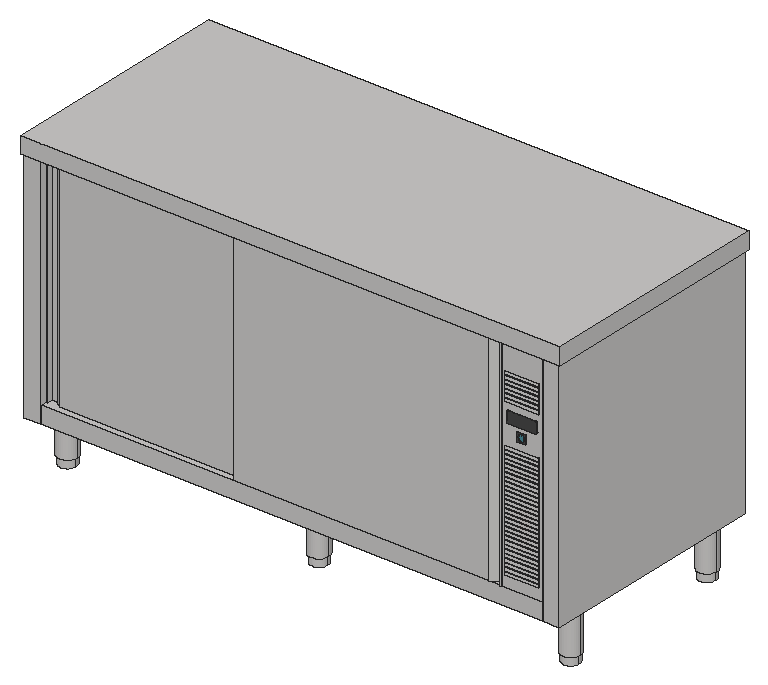
Revit family "QF_ELECTROLUXPROFESSIONAL_132873_MSR1607N", category Attrezzature speciali, Revit 2020
Family settings
  Quota connettore circolare = Usa diametro
  Tipo di parte = Normale
  Basato su piano di lavoro = No
  Sempre verticale = Sì
  Taglio con vuoti quando caricato = No
  Condiviso = No
  Punto di calcolo locali = No
Parameters (values of type "Standard")
  Weight = 65.00 kg
  Watts = 2400 W
  Volts = 220 V
  URL Manufacturer = "https://www.electroluxprofessional.com/"
  URL = "https://www.electroluxprofessional.com/"
  Steam Supply Size = 0 mm
  Steam Supply Minimum Pressure = 0.0 Pa
  Steam Supply Maximum Pressure = 0.0 Pa
  Steam Consumption per Hour = 0
  Refrigeration Suction Line Size = 0.0 mm
  Refrigeration Liquid Line Size = 0.0 mm
  Refrigerant Compressor Remote = yes
  Prospetto di default = 0.0 mm
  Produttore = "Electrolux Professional"
  Phase = 1
  Modello = "MSR1607N"
  Length Actual = 1600.0 mm  # constant formula
  Item Number = "132873"
  Hot Water Size = 0 mm
  Height Actual = 900.0 mm  # constant formula
  HP = "3.2 HP"
  Gas Size = 0 mm
  Gas KW = 0
  Gas Input Pressure = 0 W
  Direct Waste Size = 0 mm
  Descrizione = "HOT CUPBOARD 1600MM"
  Depth Actual = 700.0 mm  # constant formula
  Cycle = 50 Hz
  Condensate Return Size = 0 mm
  Compressed Air Volume = 0.0 L/s
  Compressed Air Size = 0 mm
  Compressed Air Pressure = 0.0 Pa
  Cold Water Size = 0 mm
  Accessory = yes
Reference planes
  plane 1 "Center (Front/Back)": y = 0
  plane 2: z = 0
  plane 3 "Center (Left/Right)": x = -300
  plane 4 "LEFT": x = -1100
  plane 5 "RIGHT": x = 500
  plane 6 "BACK": y = 350
  plane 7 "FRONT": y = -350
  plane 8 "Base": z = 850
  plane 9 "TOP": z = 900
  plane 10: x = -1046.5
  plane 11: x = 446.5
  plane 12: y = 264.5
  plane 13: y = -241.5
  plane 14 "BodyLeft": x = -1094.5
  plane 15 "BodyFront": y = -344.5
  plane 16 "BodyRight": x = 494.5
  plane 17 "BodyBack": y = 344.5
  plane 18 "FEET": z = 150
  plane 19: x = 324.5
  plane 20: x = -361
  plane 21: x = 444.5
  plane 22 "EIx": x = 400
  plane 23 "EIy": y = -170
Forms (mm)
  Extrusion 1, solid, material "QF_Finishes_Stainless Steel"
    sketch origin (-300, 0, 0) x (0, 1, 0) y (0, 0, 1)
      loop
        line (-350, 850) -> (350, 850) -> (350, 900) -> (-350, 900) -> (-350, 850)
    from 800 to -800
  Extrusion 2, solid, material "QF_Finishes_Stainless Steel"
    sketch origin (0, 0, 150) x (-1, 0, 0) y (0, -1, 0)
      loop
        line (1094.5, -344.5) -> (1094.5, 344.5) -> (1044.5, 344.5) -> (1044.5, -344.5) -> (1094.5, -344.5)
      loop
        line (-444.5, -344.5) -> (-444.5, 344.5) -> (-494.5, 344.5) -> (-494.5, -344.5) -> (-444.5, -344.5)
    from 0 to 700
  Extrusion 3, solid, material "QF_Finishes_Stainless Steel"
    sketch origin (0, 0, 150) x (-1, 0, 0) y (0, -1, 0)
      loop
        line (1044.5, -344.5) -> (1044.5, 344.5) -> (-444.5, 344.5) -> (-444.5, -344.5) -> (1044.5, -344.5)
    from 0 to 50
  Extrusion 4, solid, material "QF_Finishes_Stainless Steel"
    sketch origin (-1, 0, 150) x (-1, 0, 0) y (0, -1, 0)
      loop
        line (-325.5, 344.5) -> (-325.5, 324.5) -> (470.5, 324.5) -> (470.5, 344.5) -> (-285.5, 344.5) -> (-305.5, 329.5) -> (-320.5, 329.5) -> (-320.5, 344.5) -> (-325.5, 344.5)
    from 50 to 700
  Extrusion 5, solid, material "QF_Finishes_Stainless Steel"
    sketch origin (1, 20, 150) x (1, 0, 0) y (0, 1, 0)
      loop
        line (-1045.5, -344.5) -> (-1040.5, -344.5) -> (-1040.5, -329.5) -> (-1025.5, -329.5) -> (-1005.5, -344.5) -> (-251.5, -344.5) -> (-251.5, -324.5) -> (-1045.5, -324.5) -> (-1045.5, -344.5)
    from 50 to 700
  Extrusion 6, solid, material "QF_Finishes_Stainless Steel"
    sketch origin (0, 0, 0) x (1, 0, 0) y (0, 1, 0)
      loop
        line (-1044.5, -304.5) -> (324.5, -304.5) -> (324.5, 324.5) -> (-1044.5, 324.5) -> (-1044.5, -304.5)
    from 500 to 540
  Extrusion 7, solid, material "QF_Finishes_Stainless Steel"
    sketch origin (0, 0, 0) x (1, 0, 0) y (0, 1, 0)
      loop
        line (444.5, 344.5) -> (-1044.5, 344.5) -> (-1044.5, 324.5) -> (444.5, 324.5) -> (444.5, 344.5)
    from 200 to 850
  Extrusion 8, solid, material "QF_Finishes_Stainless Steel"
    sketch origin (0, 0, 150) x (-1, 0, 0) y (0, -1, 0)
      loop
        circle (-400, 170) r 10
    from 0 to -5
Cuts and joins
  joined: Extrusion 3, Extrusion 7
Lines and regions (mm)
  symbolic lines
    curve 1: line (500, 350, 900) -> (-1100, 350, 900)
    curve 2: line (-1100, 350, 900) -> (-1100, -350, 900)
    curve 3: line (-1100, -350, 900) -> (500, -350, 900)
    curve 4: line (500, -350, 900) -> (500, 350, 900)
  symbolic lines, style "SpecialityEquipmentHiddenLines"
    curve 5: line (-1094.5, 344.5, 150) -> (494.5, 344.5, 150)
    curve 6: line (-1094.5, -344.5, 150) -> (-1094.5, 344.5, 150)
    curve 7: line (494.5, -344.5, 150) -> (-1094.5, -344.5, 150)
    curve 8: line (494.5, 344.5, 150) -> (494.5, -344.5, 150)
    curve 9: line (-1045.5, -304.5, 150) -> (-249.5, -304.5, 150)
    curve 10: line (-249.5, -304.5, 150) -> (-249.5, -324.5, 150)
    curve 11: line (-1045.5, -324.5, 150) -> (324.5, -324.5, 150)
    curve 12: line (324.5, -324.5, 150) -> (324.5, -344.5, 150)
    curve 13: line (-1045.5, -304.5, 150) -> (-1045.5, -324.5, 150)
    curve 14: line (-471.5, -344.5, 0) -> (-471.5, -324.5, 0)
Dimensions and locks
  plane 4 "LEFT" to plane 5 "RIGHT" = 1600.0 mm
  equal spacing: plane 4 "LEFT", plane 3 "Center (Left/Right)", plane 5 "RIGHT"
  locked: plane 8 "Base" to level at 850
  plane 9 "TOP" to level = 900.0 mm
  plane 6 "BACK" to plane 7 "FRONT" = 700.0 mm
  equal spacing: plane 6 "BACK", plane 1 "Center (Front/Back)", plane 7 "FRONT"
  locked: plane 4 "LEFT" to plane 14 "BodyLeft" at 5.5
  locked: plane 16 "BodyRight" to plane 5 "RIGHT" at 5.5
  locked: plane 15 "BodyFront" to plane 7 "FRONT" at 5.5
  locked: plane 6 "BACK" to plane 17 "BodyBack" at 5.5
  locked: plane 14 "BodyLeft" to plane 10 at 48
  locked: plane 11 to plane 16 "BodyRight" at 48
  locked: plane 13 to plane 15 "BodyFront" at 103
  locked: plane 17 "BodyBack" to plane 12 at 80
  plane 10 to plane 11 = 1493.0 mm
  plane 12 to plane 13 = 506.0 mm
  locked: plane 14 "BodyLeft" to Extrusion 2 sketch curve at 50
  locked: Extrusion 2 sketch curve to Extrusion 2 sketch curve at 50
  equal spacing: plane 10, plane 20, plane 19
  locked: plane 21 to plane 16 "BodyRight" at 50
  locked: plane 19 to plane 21 at 120
  locked: Extrusion 4 sketch curve to plane 20 at 110.5
  locked: plane 20 to Extrusion 5 sketch curve at 110.5
  locked: plane 18 "FEET" to level at 150
  locked: plane 22 "EIx" to plane 5 "RIGHT" at 100
  plane 23 "EIy" to plane 7 "FRONT" = 180.0 mm
  aligned and locked: level to plane 2
  aligned and locked: plane 10 to nested 1
  aligned and locked: nested 1 to plane 13
  aligned and locked: plane 11 to nested 2
  aligned and locked: nested 2 to plane 13
  aligned and locked: plane 11 to nested 4
  aligned and locked: nested 4 to plane 12
  aligned and locked: plane 10 to nested 3
  aligned and locked: nested 3 to plane 12
  aligned and locked: Extrusion 1 to plane 4 "LEFT"
  aligned and locked: plane 5 "RIGHT" to Extrusion 1
  aligned and locked: curve 2 to plane 4 "LEFT"
  aligned and locked: plane 17 "BodyBack" to Extrusion 2 sketch curve
  aligned and locked: Extrusion 2 sketch curve to plane 15 "BodyFront"
  aligned and locked: Extrusion 2 sketch curve to plane 14 "BodyLeft"
  aligned and locked: plane 16 "BodyRight" to Extrusion 2 sketch curve
  aligned and locked: Extrusion 2 sketch curve to plane 17 "BodyBack"
  aligned and locked: plane 15 "BodyFront" to Extrusion 2 sketch curve
  aligned and locked: Extrusion 3 sketch curve to plane 17 "BodyBack"
  aligned and locked: plane 15 "BodyFront" to Extrusion 3 sketch curve
  aligned and locked: plane 8 "Base" to Extrusion 2
  aligned and locked: plane 8 "Base" to Extrusion 4
  aligned and locked: Extrusion 4 to Extrusion 3
  aligned and locked: Extrusion 1 to plane 8 "Base"
  aligned and locked: plane 9 "TOP" to Extrusion 1
  aligned and locked: curve 5 to plane 17 "BodyBack"
  aligned and locked: plane 14 "BodyLeft" to curve 6
  aligned and locked: plane 15 "BodyFront" to curve 7
  aligned and locked: plane 16 "BodyRight" to curve 8
  aligned and locked: Extrusion 3 to Extrusion 2  (x2)
  aligned and locked: Extrusion 6 sketch curve to Extrusion 2
  aligned and locked: Extrusion 6 sketch curve to Extrusion 5
  aligned and locked: nested 5 to plane 21
  aligned and locked: Extrusion 7 sketch curve to Extrusion 2
  aligned and locked: Extrusion 6 sketch curve to plane 19
  aligned and locked: plane 3 "Center (Left/Right)" to nested 6
  aligned and locked: plane 3 "Center (Left/Right)" to nested 7
Automatic sketch dimensions
  curve 14 to plane 15 "BodyFront" = 0.0 mm
  plane 15 "BodyFront" to curve 14 = 20.0 mm
  curve 14 to plane 20 = 110.5 mm
  curve 3 to plane 7 "FRONT" = 0.0 mm
  curve 4 to plane 6 "BACK" = 0.0 mm
  Extrusion 1 sketch curve to plane 7 "FRONT" = 0.0 mm
  Extrusion 1 sketch curve to plane 6 "BACK" = 0.0 mm
  Extrusion 1 sketch curve to plane 8 "Base" = 0.0 mm
  Extrusion 1 sketch curve to plane 9 "TOP" = 0.0 mm
  Extrusion 3 sketch curve to plane 21 = 0.0 mm
  plane 10 to Extrusion 3 sketch curve = 2.0 mm
  Extrusion 4 sketch curve to plane 19 = 0.0 mm
  Extrusion 4 sketch curve to plane 15 "BodyFront" = 0.0 mm  (x2)
  Extrusion 4 sketch curve to Extrusion 4 sketch curve = 5.0 mm
  Extrusion 4 sketch curve to Extrusion 4 sketch curve = 15.0 mm  (x2)
  Extrusion 4 sketch curve to Extrusion 4 sketch curve = 20.0 mm  (x2)
  Extrusion 5 sketch curve to plane 15 "BodyFront" = 20.0 mm  (x2)
  Extrusion 5 sketch curve to plane 10 = 42.0 mm
  Extrusion 5 sketch curve to plane 10 = 22.0 mm
  Extrusion 5 sketch curve to plane 10 = 7.0 mm
  Extrusion 5 sketch curve to plane 10 = 2.0 mm
  Extrusion 5 sketch curve to Extrusion 5 sketch curve = 15.0 mm
  Extrusion 5 sketch curve to Extrusion 5 sketch curve = 20.0 mm
  plane 21 to curve 12 = 120.0 mm
  curve 7 to plane 15 "BodyFront" = 0.0 mm
  plane 3 "Center (Left/Right)" to curve 9 = 50.5 mm
  plane 10 to curve 11 = 1.0 mm
  plane 15 "BodyFront" to curve 9 = 40.0 mm
  curve 11 to curve 12 = 20.0 mm
  plane 12 to Extrusion 6 sketch curve = 60.0 mm
  Extrusion 7 sketch curve to plane 17 "BodyBack" = 0.0 mm
  Extrusion 7 sketch curve to plane 21 = 0.0 mm
  Extrusion 7 sketch curve to plane 17 "BodyBack" = 20.0 mm
  curve 4 to plane 5 "RIGHT" = 0.0 mm
  Extrusion 8 sketch curve to plane 22 "EIx" = 0.0 mm
  Extrusion 8 sketch curve to plane 23 "EIy" = 0.0 mm
  radius of Extrusion 8 sketch curve = 10.0 mm
Nested families
  nested 1: "FEET_D58-150" at (-1046.5, -241.5, 0), type "FEET_D58-150"
  nested 2: "FEET_D58-150" at (446.5, -241.5, 0), type "FEET_D58-150"
  nested 3: "FEET_D58-150" at (-1046.5, 264.5, 0), type "FEET_D58-150"
  nested 4: "FEET_D58-150" at (446.5, 264.5, 0), type "FEET_D58-150"
  nested 5: "WT_PNL120x650" at (531.42, -304.5, 600) x (1, 0, 0) z (0, -1, 0), type "WT_PNL120x650"
    with Show Logo yes
  nested 6: "FEET_D58-150" at (-300, -241.5, 0), type "FEET_D58-150"
  nested 7: "FEET_D58-150" at (-300, 264.5, 0), type "FEET_D58-150"
Connectors
  electrical at (400, -170, 145)
    settings: on Extrusion 8, index 1, voltage 0 V, apparent load 0 VA, apparent load phase1 0 VA, apparent load phase2 0 VA, apparent load phase3 0 VA, power factor 1, load classification "Other", number of poles 1, system type 30, power factor state 1, is connector primary yes, connector utility no, sub classification motor no, connector description "Electrical connection"
Definition of nested family "FEET_D58-150"
  Parameters
    Default Elevation = 0.0 mm
    FEET = 150.0 mm
  Reference planes
    plane 1 "Center (Front/Back)": y = 0
    plane 2: z = 0
    plane 3 "Center (Left/Right)": x = 0
    plane 4: z = 150
  Forms (mm)
    Extrusion 1, solid
      sketch origin (0, 0, 0) x (1, 0, 0) y (0, 1, 0)
        loop
          circle (0, 0) r 25
      from 0 to 25
    Extrusion 2, solid
      sketch origin (0, 0, 0) x (1, 0, 0) y (0, 1, 0)
        loop
          circle (0.061, 0) r 29
      from 25 to 150 <- "FEET"
  Lines and regions (mm)
    symbolic lines
      curve 1: line (0, -1.503, 0) -> (0, 1.508, 0)
      curve 2: line (1.561, 0, 0) -> (-1.439, 0, 0)
  Dimensions and locks
    "FEET": plane 4 to plane 2
    aligned and locked: level to plane 2
  Automatic sketch dimensions
    plane 1 "Center (Front/Back)" to Extrusion 1 sketch curve = 0.0 mm
    Extrusion 1 sketch curve to plane 3 "Center (Left/Right)" = 0.0 mm
    plane 1 "Center (Front/Back)" to curve 2 = 0.0 mm
    curve 1 to plane 3 "Center (Left/Right)" = 0.0 mm
    curve 2 to plane 3 "Center (Left/Right)" = 1.439 mm
    plane 3 "Center (Left/Right)" to curve 2 = 1.561 mm
    plane 1 "Center (Front/Back)" to curve 1 = 1.503 mm
    curve 1 to plane 1 "Center (Front/Back)" = 1.508 mm
    plane 1 "Center (Front/Back)" to Extrusion 2 sketch curve = 0.0 mm
    plane 3 "Center (Left/Right)" to Extrusion 2 sketch curve = 0.061 mm
    radius of Extrusion 1 sketch curve = 25.0 mm
    radius of Extrusion 2 sketch curve = 29.0 mm
Definition of nested family "WT_PNL120x650"
  Parameters
    Show Logo [instance] = yes
    Default Elevation = 1219.2 mm
  Reference planes
    plane 1 "Center (Front/Back)": y = -75
    plane 2: z = 0
    plane 3 "Center (Left/Right)": x = -146.92
    plane 4: x = -206.92
    plane 5: x = -86.92
    plane 6: y = 250
    plane 7: y = -400
    plane 8 "TOP": z = 40
  Forms (mm)
    Extrusion 1, solid
      sketch origin (0, 0, 0) x (1, 0, 0) y (0, 1, 0)
        loop
          line (-1219.2, 1219.2) -> (-1219.2, -1219.2) -> (1219.2, -1219.2) -> (1219.2, 1219.2) -> (-1219.2, 1219.2)
      from 0 to -304.8
    Extrusion 2, solid
      sketch origin (0, 0, 0) x (1, 0, 0) y (0, 1, 0)
        loop
          line (-206.92, 250) -> (-206.92, -400) -> (-86.92, -400) -> (-86.92, 250) -> (-206.92, 250)
      from 0 to 40
    Extrusion 3, void
      sketch origin (0, 0, 40) x (-1, 0, 0) y (0, -1, 0)
        loop
          arc (101.92, -68.899) -> (103.795, -73.256) -> (108.247, -74.89) r 6
          line (108.247, -74.89) -> (185.92, -74.89)
          arc (185.92, -74.89) -> (190.163, -73.133) -> (191.92, -68.89) r 6
          line (191.92, -68.89) -> (191.92, -45.89)
          arc (191.92, -45.89) -> (190.163, -41.648) -> (185.92, -39.89) r 6
          line (185.92, -39.89) -> (107.92, -39.89)
          arc (107.92, -39.89) -> (103.677, -41.648) -> (101.92, -45.89) r 6
          line (101.92, -45.89) -> (101.92, -68.899)
        loop
          line (158.92, -27.89) -> (158.92, -2.89) -> (134.92, -2.89) -> (134.92, -27.89) -> (158.92, -27.89)
      from -2 to 0
    Extrusion 4, solid
      sketch origin (0, 0, 40) x (-1, 0, 0) y (0, -1, 0)
        loop
          line (185.92, -39.89) -> (107.92, -39.89)
          arc (107.92, -39.89) -> (103.677, -41.648) -> (101.92, -45.89) r 6
          line (101.92, -45.89) -> (101.92, -68.899)
          arc (101.92, -68.899) -> (103.795, -73.256) -> (108.247, -74.89) r 6
          line (108.247, -74.89) -> (185.92, -74.89)
          arc (185.92, -74.89) -> (190.163, -73.133) -> (191.92, -68.89) r 6
          line (191.92, -68.89) -> (191.92, -45.89)
          arc (191.92, -45.89) -> (190.163, -41.648) -> (185.92, -39.89) r 6
      from -2 to 1
    Extrusion 5, solid
      sketch origin (-146.92, 0, 0) x (0, 1, 0) y (0, 0, 1)
        loop
          line (95.896, 40) -> (104.899, 40) -> (95.896, 41.206) -> (95.896, 40)
        loop
          line (107.896, 40) -> (116.899, 40) -> (107.896, 41.206) -> (107.896, 40)
        loop
          line (119.896, 40) -> (128.899, 40) -> (119.896, 41.206) -> (119.896, 40)
        loop
          line (131.896, 40) -> (140.899, 40) -> (131.896, 41.206) -> (131.896, 40)
        loop
          line (143.896, 40) -> (152.899, 40) -> (143.896, 41.206) -> (143.896, 40)
        loop
          line (155.896, 40) -> (164.899, 40) -> (155.896, 41.206) -> (155.896, 40)
        loop
          line (167.896, 40) -> (176.899, 40) -> (167.896, 41.206) -> (167.896, 40)
        loop
          line (-102.104, 40) -> (-93.101, 40) -> (-102.104, 41.206) -> (-102.104, 40)
        loop
          line (-90.104, 40) -> (-81.101, 40) -> (-90.104, 41.206) -> (-90.104, 40)
        loop
          line (-78.104, 40) -> (-69.101, 40) -> (-78.104, 41.206) -> (-78.104, 40)
        loop
          line (-66.104, 40) -> (-57.101, 40) -> (-66.104, 41.206) -> (-66.104, 40)
        loop
          line (-54.104, 40) -> (-45.101, 40) -> (-54.104, 41.206) -> (-54.104, 40)
        loop
          line (-42.104, 40) -> (-33.101, 40) -> (-42.104, 41.206) -> (-42.104, 40)
        loop
          line (-30.104, 40) -> (-21.101, 40) -> (-30.104, 41.206) -> (-30.104, 40)
        loop
          line (-174.104, 40) -> (-165.101, 40) -> (-174.104, 41.206) -> (-174.104, 40)
        loop
          line (-162.104, 40) -> (-153.101, 40) -> (-162.104, 41.206) -> (-162.104, 40)
        loop
          line (-150.104, 40) -> (-141.101, 40) -> (-150.104, 41.206) -> (-150.104, 40)
        loop
          line (-138.104, 40) -> (-129.101, 40) -> (-138.104, 41.206) -> (-138.104, 40)
        loop
          line (-126.104, 40) -> (-117.101, 40) -> (-126.104, 41.206) -> (-126.104, 40)
        loop
          line (-114.104, 40) -> (-105.101, 40) -> (-114.104, 41.206) -> (-114.104, 40)
        loop
          line (-246.104, 40) -> (-237.101, 40) -> (-246.104, 41.206) -> (-246.104, 40)
        loop
          line (-234.104, 40) -> (-225.101, 40) -> (-234.104, 41.206) -> (-234.104, 40)
        loop
          line (-222.104, 40) -> (-213.101, 40) -> (-222.104, 41.206) -> (-222.104, 40)
        loop
          line (-210.104, 40) -> (-201.101, 40) -> (-210.104, 41.206) -> (-210.104, 40)
        loop
          line (-198.104, 40) -> (-189.101, 40) -> (-198.104, 41.206) -> (-198.104, 40)
        loop
          line (-186.104, 40) -> (-177.101, 40) -> (-186.104, 41.206) -> (-186.104, 40)
        loop
          line (-318.104, 40) -> (-309.101, 40) -> (-318.104, 41.206) -> (-318.104, 40)
        loop
          line (-306.104, 40) -> (-297.101, 40) -> (-306.104, 41.206) -> (-306.104, 40)
        loop
          line (-294.104, 40) -> (-285.101, 40) -> (-294.104, 41.206) -> (-294.104, 40)
        loop
          line (-282.104, 40) -> (-273.101, 40) -> (-282.104, 41.206) -> (-282.104, 40)
        loop
          line (-270.104, 40) -> (-261.101, 40) -> (-270.104, 41.206) -> (-270.104, 40)
        loop
          line (-258.104, 40) -> (-249.101, 40) -> (-258.104, 41.206) -> (-258.104, 40)
        loop
          line (-366.104, 40) -> (-357.101, 40) -> (-366.104, 41.206) -> (-366.104, 40)
        loop
          line (-354.104, 40) -> (-345.101, 40) -> (-354.104, 41.206) -> (-354.104, 40)
        loop
          line (-342.104, 40) -> (-333.101, 40) -> (-342.104, 41.206) -> (-342.104, 40)
        loop
          line (-330.104, 40) -> (-321.101, 40) -> (-330.104, 41.206) -> (-330.104, 40)
      from -50 to 50
    Extrusion 6, solid
      sketch origin (0, 0, 40) x (-1, 0, 0) y (0, -1, 0)
        loop
          line (134.92, -27.89) -> (158.92, -27.89) -> (158.92, -2.89) -> (134.92, -2.89) -> (134.92, -27.89)
        loop
          circle (146.92, -15.39) r 9
      from -2 to 3
    Extrusion 7, solid
      sketch origin (0, 0, 40) x (-1, 0, 0) y (0, -1, 0)
        loop
          circle (146.92, -15.39) r 9
      from 0 to 3
  Cuts and joins
    Extrusion 3 cuts Extrusion 2
  Dimensions and locks
    equal spacing: plane 6, plane 1 "Center (Front/Back)", plane 7
    equal spacing: plane 4, plane 3 "Center (Left/Right)", plane 5
    plane 8 "TOP" to level = 40.0 mm
    aligned and locked: plane 2 to Extrusion 1
    aligned and locked: level to Extrusion 1
  Automatic sketch dimensions
    Extrusion 1 sketch curve to Extrusion 1 sketch curve = 2438.4 mm  (x2)
    Extrusion 2 sketch curve to plane 4 = 0.0 mm
    Extrusion 2 sketch curve to plane 5 = 0.0 mm
    Extrusion 2 sketch curve to plane 7 = 0.0 mm
    Extrusion 2 sketch curve to plane 6 = 0.0 mm
    Extrusion 5 sketch curve to plane 8 "TOP" = 0.0 mm  (x36)
    Extrusion 5 sketch curve to Extrusion 5 sketch curve = 9.003 mm  (x35)
    plane 8 "TOP" to Extrusion 5 sketch curve = 1.206 mm  (x22)
    Extrusion 5 sketch curve to Extrusion 5 sketch curve = 2.997 mm  (x33)
    plane 1 "Center (Front/Back)" to Extrusion 5 sketch curve = 6.101 mm
    plane 1 "Center (Front/Back)" to Extrusion 5 sketch curve = 3.104 mm
    Extrusion 5 sketch curve to plane 1 "Center (Front/Back)" = 5.899 mm
    Extrusion 5 sketch curve to Extrusion 5 sketch curve = 116.997 mm
    Extrusion 5 sketch curve to Extrusion 5 sketch curve = 1.206 mm  (x14)
    Extrusion 4 sketch curve to plane 5 = 15.0 mm
    Extrusion 4 sketch curve to Extrusion 4 sketch curve = 6.0 mm  (x3)
    Extrusion 4 sketch curve to Extrusion 4 sketch curve = 0.327 mm
    plane 4 to Extrusion 4 sketch curve = 21.0 mm  (x2)
    Extrusion 4 sketch curve to plane 1 "Center (Front/Back)" = 149.89 mm
    Extrusion 4 sketch curve to Extrusion 4 sketch curve = 23.009 mm
    Extrusion 3 sketch curve to plane 5 = 15.0 mm
    Extrusion 3 sketch curve to Extrusion 3 sketch curve = 6.0 mm  (x3)
    Extrusion 3 sketch curve to Extrusion 3 sketch curve = 0.327 mm
    plane 3 "Center (Left/Right)" to Extrusion 3 sketch curve = 12.0 mm
    Extrusion 3 sketch curve to plane 3 "Center (Left/Right)" = 12.0 mm
    plane 4 to Extrusion 3 sketch curve = 21.0 mm  (x2)
    Extrusion 3 sketch curve to plane 1 "Center (Front/Back)" = 149.89 mm
    Extrusion 3 sketch curve to Extrusion 3 sketch curve = 23.0 mm
    Extrusion 3 sketch curve to Extrusion 3 sketch curve = 12.0 mm
    Extrusion 3 sketch curve to Extrusion 3 sketch curve = 25.0 mm
    Extrusion 6 sketch curve to plane 3 "Center (Left/Right)" = 0.0 mm
    plane 3 "Center (Left/Right)" to Extrusion 6 sketch curve = 12.0 mm
    Extrusion 6 sketch curve to plane 3 "Center (Left/Right)" = 12.0 mm
    Extrusion 6 sketch curve to plane 1 "Center (Front/Back)" = 102.89 mm
    Extrusion 6 sketch curve to Extrusion 6 sketch curve = 12.5 mm  (x2)
    Extrusion 7 sketch curve to plane 3 "Center (Left/Right)" = 0.0 mm
    Extrusion 7 sketch curve to plane 1 "Center (Front/Back)" = 90.39 mm
    radius of Extrusion 6 sketch curve = 9.0 mm
    radius of Extrusion 7 sketch curve = 9.0 mm
